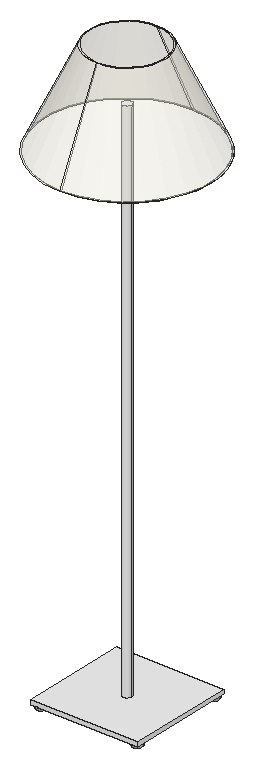
Revit family
Parameters (values of type "150 watt Incandescent")
  Lamp = "Ps-25"
  Lumens = 2700 lm
  Material Shade = Glass - Frosted
  Material Stand = Metal - Chrome
  Wattage Comments = "150"
  Keynote = "V"
Types (3, lengths in mm): name | Lamp | Lumens | Wattage Comments
  (no name) | "Ps-25" | 2700 lm | "150"
  150 watt Incandescent | "Ps-25" | 2700 lm | "150"
  100 watt Incandescent | "A-21" | 1800 lm | "100"
Reference planes
  plane 1 "Light Source Axis": y = 0
  plane 2: z = 0
  plane 3 "Light Source Axis": x = 0
  plane 4: y = 134.618
  plane 5 "Light Source Elevation": z = 1592.529
Forms (mm)
  Revolve 1, solid
    sketch origin (136.32, -210.458, 0) x (0, 1, 0) y (0, 0, 1)
      loop
        arc (349.625, 0) -> (358.596, 3.716) -> (362.312, 12.687) r 12.687
        line (362.312, 12.687) -> (349.625, 12.687) -> (349.625, 0)
      axis (346.516, 0) -> (346.516, 12.687)
    angle from -90 to 270
  Revolve 2, solid
    sketch origin (-136.032, -210.819, 0) x (0, 1, 0) y (0, 0, 1)
      loop
        arc (349.625, 0) -> (358.596, 3.716) -> (362.312, 12.687) r 12.687
        line (362.312, 12.687) -> (349.625, 12.687) -> (349.625, 0)
      axis (346.516, 0) -> (346.516, 12.687)
    angle from -90 to 270
  Revolve 3, solid
    sketch origin (-135.437, -482.706, 0) x (0, 1, 0) y (0, 0, 1)
      loop
        arc (349.625, 0) -> (358.596, 3.716) -> (362.312, 12.687) r 12.687
        line (362.312, 12.687) -> (349.625, 12.687) -> (349.625, 0)
      axis (346.516, 0) -> (346.516, 12.687)
    angle from -90 to 270
  Revolve 4, solid
    sketch origin (137.046, -482.111, 0) x (0, 1, 0) y (0, 0, 1)
      loop
        arc (349.625, 0) -> (358.596, 3.716) -> (362.312, 12.687) r 12.687
        line (362.312, 12.687) -> (349.625, 12.687) -> (349.625, 0)
      axis (346.516, 0) -> (346.516, 12.687)
    angle from -90 to 270
  Extrusion 5, solid, material "Metal - Chrome" <- "Material Stand"
    sketch origin (0, 0, 0) x (1, 0, 0) y (0, 1, 0)
      loop
        line (-152.4, 152.4) -> (-152.4, -152.4) -> (152.4, -152.4) -> (152.4, 152.4) -> (-152.4, 152.4)
    from 12.687 to 24.964
  Extrusion 6, solid, material "Metal - Chrome" <- "Material Stand"
    sketch origin (0, 0, 24.964) x (1, 0, 0) y (0, 1, 0)
      loop
        circle (0, 0) r 12.7
    from 0 to 1499.036
  Revolve 7, solid, material "Glass - Frosted" <- "Material Shade"
    sketch origin (0, 0, 0) x (0, 1, 0) y (0, 0, 1)
      loop
        line (108.573, 1674.186) -> (104.059, 1674.186) -> (233.338, 1403.575) -> (237.852, 1403.575) -> (108.573, 1674.186)
      axis (0, 1674.186) -> (0, 1403.575)
    angle from 0 to 360
Lines and regions (mm)
  Masking region 1
    outline origin (0, 0, 0) x (1, 0, 0) y (0, 1, 0)
      loop
        circle (0, 0) r 241.3
  symbolic lines
    curve 1: arc (241.3, 0, 0) -> (0, 241.3, 0) -> (-241.3, 0, 0) r 241.3
    curve 2: arc (-241.3, 0, 0) -> (0, -241.3, 0) -> (241.3, 0, 0) r 241.3
    curve 3: arc (107.315, 0, 0) -> (0, 107.315, 0) -> (-107.315, 0, 0) r 107.315
    curve 4: arc (-107.315, 0, 0) -> (0, -107.315, 0) -> (107.315, 0, 0) r 107.315
Dimensions and locks
  aligned and locked: Extrusion 6 to Extrusion 5
  aligned and locked: Masking region 1 sketch curve to curve 1
  aligned and locked: Masking region 1 sketch curve to curve 2
